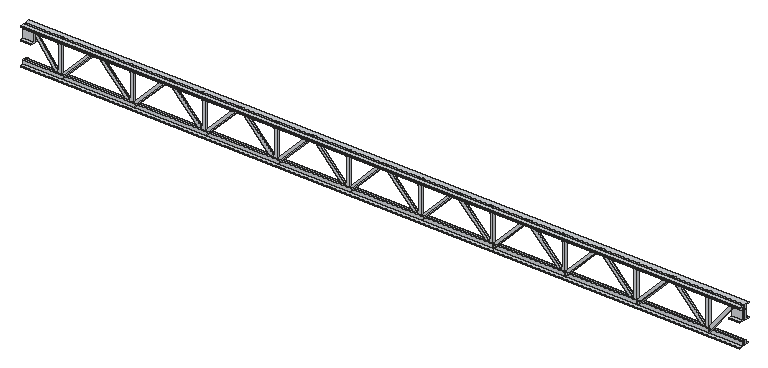
Revit family
Parameters (values of type "508BG")
  Web Thickness = 25 mm
  Vertical Member Visibility = yes
  Start Offset [instance] = 0 mm
  Top Chord Start Extension [instance] = 0 mm
  SpaceNum [instance] = 2 * HalfSpaceNum  # 20
  Seat Length = 150 mm
  Seat Depth [instance] = 190 mm
  Rendering Material = none
  PanelWidth [instance] = Length / SpaceNum  # 500 mm
  PanelArrayNum 2 [instance] = Half PanelArrayNum - 1  # 8
  PanelArrayNum 1 [instance] = Half PanelArrayNum  # 9
  PanelArrayNum [instance] = SpaceNum - 3  # 17
  Panel Point Load [instance] = 18.00 kN
  Offset Length 2 [instance] = End Panel - End Offset + Bottom Chord End Extension  # 500 mm
  Offset Length 1 [instance] = End Panel - Start Offset + Bottom Chord Start Extension  # 500 mm
  HalfSpaceNum [instance] = 10
  Girder Type = "BG"
  Depth = 508 mm
  Bottom Chord Start Extension [instance] = 0 mm
  Bottom Chord End Extension [instance] = 0 mm
  Half PanelArrayNum [instance] = PanelArrayNum / 2  # 9
  End Panel [instance] = PanelWidth  # 500 mm
  End Offset [instance] = 0 mm
  Top Chord End Extension [instance] = 0 mm
  Cord Leg = 63.5 mm
  Chord Thickness = 12.5 mm
  Assembly Code = "B1010350"
  Length [instance] = 10000 mm
Reference planes
  plane 1 "Center (Front/Back)": y = 0
  plane 2: z = 0
  plane 3 "Center (Left/Right)": x = 458.446
  plane 4 "Member Left": x = -3551.39
  plane 5 "Member Right": x = 3560.61
  plane 6: y = 76
  plane 7: y = -76
  plane 8: z = 254
  plane 9: z = -254
  plane 10 "Left": x = -4541.554
  plane 11 "Stick Symbol Left": x = -3500.59
  plane 12 "Stick Symbol Right": x = 3509.81
  plane 13 "Right": x = 5458.446
  plane 14: z = 64
  plane 15: x = -4391.554
  plane 16: x = -4041.554
  plane 17: x = 5308.446
  plane 18: x = 4958.446
  plane 19: y = 12.5
  plane 20: y = -12.5
  plane 21: z = 190.5
  plane 22: z = -190.5
  plane 23: z = -247.65
  plane 24: z = 247.65
  plane 25: x = -4541.554
  plane 26: x = 5458.446
  plane 27: x = -4541.554
  plane 28: x = 5458.446
  plane 29: x = 4458.446
  plane 30: x = 3958.446
  plane 31: x = -3541.554
  plane 32: x = -3041.554
  plane 33: x = -2541.554
  plane 34: x = -4541.554
  plane 35: x = 5458.446
Forms (mm)
  Extrusion 1, solid, material <- "Rendering Material", detail levels medium+fine
    sketch origin (458.446, 0, 0) x (0, 1, 0) y (0, 0, 1)
      loop
        line (76, 254) -> (12.5, 254) -> (12.5, 190.5) -> (25, 190.5) -> (25, 241.5) -> (76, 241.5) -> (76, 254)
      loop
        line (-76, 254) -> (-76, 241.5) -> (-25, 241.5) -> (-25, 190.5) -> (-12.5, 190.5) -> (-12.5, 254) -> (-76, 254)
    from -5000 to 5000
  Extrusion 2, solid, material <- "Rendering Material", detail levels medium+fine
    sketch origin (458.446, 0, 0) x (0, 1, 0) y (0, 0, 1)
      loop
        line (12.5, -190.5) -> (12.5, -254) -> (76, -254) -> (76, -241.5) -> (25, -241.5) -> (25, -190.5) -> (12.5, -190.5)
      loop
        line (-12.5, -190.5) -> (-25, -190.5) -> (-25, -241.5) -> (-76, -241.5) -> (-76, -254) -> (-12.5, -254) -> (-12.5, -190.5)
    from -5000 to 5000
  Extrusion 3, solid, material <- "Rendering Material", detail levels medium+fine
    sketch origin (458.446, 0, 0) x (0, 1, 0) y (0, 0, 1)
      loop
        line (76, 64) -> (76, 76.5) -> (25, 76.5) -> (25, 190.5) -> (12.5, 190.5) -> (12.5, 64) -> (76, 64)
      loop
        line (-76, 64) -> (-12.5, 64) -> (-12.5, 190.5) -> (-25, 190.5) -> (-25, 76.5) -> (-76, 76.5) -> (-76, 64)
    from 4850 to 5000
  Extrusion 4, solid, material <- "Rendering Material", detail levels medium+fine
    sketch origin (458.446, 0, 0) x (0, 1, 0) y (0, 0, 1)
      loop
        line (-76, 64) -> (-12.5, 64) -> (-12.5, 190.5) -> (-25, 190.5) -> (-25, 76.5) -> (-76, 76.5) -> (-76, 64)
      loop
        line (12.5, 64) -> (76, 64) -> (76, 76.5) -> (25, 76.5) -> (25, 190.5) -> (12.5, 190.5) -> (12.5, 64)
    from -5000 to -4850
  Sweep 5, solid, material <- "Rendering Material", detail levels fine
    path in 3D
      loop
        line (4958.446, 0, -247.65) -> (5308.446, 0, 190.5)
    profile "Web-Profile : Web-Profile" origin (5133.446, 0, -28.575) x (-0.781321, 0, 0.624129) y (0, -1, 0)
      loop
        line (-25.4, 18.85) -> (-25.4, 6.15) -> (25.4, 6.15) -> (25.4, 18.85) -> (-25.4, 18.85)
  Sweep 6, solid, material <- "Rendering Material", detail levels fine
    path in 3D
      loop
        line (-4391.554, 0, 190.5) -> (-4041.554, 0, -247.65)
    profile "Web-Profile : Web-Profile" origin (-4216.554, 0, -28.575) x (0.781321, 0, 0.624129) y (0, -1, 0)
      loop
        line (-25.4, 6.35) -> (-25.4, -6.35) -> (25.4, -6.35) -> (25.4, 6.35) -> (-25.4, 6.35)
Lines and regions (mm)
  symbolic lines, style "StructuralFraming", detail levels coarse
    curve 1: line (0, 76, 254) -> (0, 12.5, 254)
    curve 2: line (0, -76, -254) -> (0, -12.5, -254)
    curve 12: line (0, 12.5, -254) -> (0, 76, -254)
    curve 13: line (458.446, 12.5, -254) -> (458.446, 12.5, -190.5)
    curve 14: line (458.446, -12.5, -254) -> (458.446, -12.5, -190.5)
    curve 15: line (458.446, -12.5, 254) -> (458.446, -12.5, 190.5)
    curve 16: line (458.446, 12.5, 254) -> (458.446, 12.5, 190.5)
    curve 17: line (0, -12.5, 254) -> (0, -76, 254)
  symbolic lines, style "StructuralFraming", detail levels coarse+medium
    curve 3: line (0, 0, -254) -> (0, 0, 254)
  reference lines
    curve 4: line (-3350.59, 0, -377.508) -> (-3350.59, 0, 333.692)
    curve 5: line (-2850.59, 0, -383.858) -> (-2850.59, 0, 333.692)
    curve 6: line (3359.81, 0, -324.588) -> (3359.81, 0, 335.812)
    curve 7: line (2859.81, 0, -451.588) -> (2859.81, 0, 335.812)
  model lines, style "Joist Girder", detail levels coarse
    curve 8: line (2859.81, 0, -254) -> (-2850.59, 0, -254)
    curve 9: line (3509.81, 0, 254) -> (-3500.59, 0, 254)
  model lines, style "StructuralFraming", detail levels medium
    curve 10: line (-4391.554, 0, 190.5) -> (-4041.554, 0, -247.65)
    curve 11: line (4958.446, 0, -247.65) -> (5308.446, 0, 190.5)
  model lines, style "Web Joist", detail levels coarse
    curve 18: line (-2850.59, 0, -254) -> (-3350.59, 0, 254)
    curve 19: line (2859.81, 0, -254) -> (3359.81, 0, 254)
  sketch lines
    curve 20: line (4958.446, 0, -247.65) -> (5308.446, 0, 190.5)
    curve 21: line (-4391.554, 0, 190.5) -> (-4041.554, 0, -247.65)
  symbolic lines, detail levels fine
    curve 22: line (458.446, 12.5, 247.65) -> (458.446, -12.5, 247.65)
    curve 23: line (458.446, 12.5, -247.65) -> (458.446, -12.5, -247.65)
    curve 24: line (458.446, 12.5, -190.5) -> (458.446, 12.5, 190.5)
    curve 25: line (458.446, -12.5, -190.5) -> (458.446, -12.5, 190.5)
Dimensions and locks
  equal spacing: plane 9, plane 2, plane 8
  "Length": plane 10 "Left" to plane 13 "Right"
  equal spacing: plane 10 "Left", plane 3 "Center (Left/Right)", plane 13 "Right"
  "Seat Length": curve 4 to plane 11 "Stick Symbol Left"
  "End Panel": curve 5 to curve 4
  "Seat Length": curve 6 to plane 12 "Stick Symbol Right"
  "End Panel": curve 6 to curve 7
  "Depth": plane 9 to plane 8
  "Seat Depth": plane 8 to plane 14
  "End Panel": plane 10 "Left" to plane 16
  "End Panel": plane 13 "Right" to plane 18
  "Web Thickness": plane 19 to plane 20
  equal spacing: plane 19, plane 1 "Center (Front/Back)", plane 20
  "Cord Leg": plane 20 to plane 7
  "Cord Leg": plane 6 to plane 19
  "Cord Leg": plane 9 to plane 22
  "Cord Leg": plane 21 to plane 8
  "Chord Thickness": plane 8 to Extrusion 1 sketch curve
  "Chord Thickness": Extrusion 1 sketch curve to plane 8
  "Chord Thickness": plane 20 to Extrusion 1 sketch curve
  "Chord Thickness": Extrusion 1 sketch curve to plane 19
  "Chord Thickness": plane 9 to Extrusion 2 sketch curve  (x2)
  "Chord Thickness": Extrusion 2 sketch curve to plane 19
  "Chord Thickness": plane 20 to Extrusion 2 sketch curve
  "Chord Thickness": plane 14 to Extrusion 3 sketch curve  (x2)
  "Chord Thickness": plane 20 to Extrusion 3 sketch curve
  "Chord Thickness": Extrusion 3 sketch curve to plane 19
  "Chord Thickness": plane 14 to Extrusion 4 sketch curve  (x2)
  "Chord Thickness": Extrusion 4 sketch curve to plane 19
  "Chord Thickness": plane 20 to Extrusion 4 sketch curve
  locked: plane 23 to plane 9 at 6.35
  locked: plane 8 to plane 24 at 6.35
  "Start Offset": plane 10 "Left" to plane 27
  "Seat Length": plane 27 to plane 15
  "Top Chord Start Extension": plane 25 to plane 27
  "End Offset": plane 28 to plane 13 "Right"
  "Seat Length": plane 17 to plane 28
  "Top Chord End Extension": plane 28 to plane 26
  "PanelWidth": plane 18 to plane 29
  "PanelWidth": plane 29 to plane 30
  "PanelWidth": plane 16 to plane 31
  "PanelWidth": plane 32 to plane 31
  "PanelWidth": plane 33 to plane 32
  equal spacing: group 1, group 2, group 5, group 6, group 7, group 8, group 9, group 10, group 11  (x3)
  equal spacing: group 3, group 4, group 12, group 13, group 14, group 15, group 16, group 17  (x3)
  "Offset Length 1": plane 16 to plane 34
  "Offset Length 2": plane 35 to plane 18
  aligned and locked: curve 8 to plane 9
  aligned and locked: curve 9 to plane 8
  aligned and locked: plane 11 "Stick Symbol Left" to curve 9
  aligned and locked: curve 5 to curve 8
  aligned and locked: curve 7 to curve 8
  aligned and locked: plane 8 to Extrusion 1 sketch curve
  aligned and locked: Extrusion 1 sketch curve to plane 8
  aligned and locked: plane 6 to Extrusion 1 sketch curve
  aligned and locked: plane 7 to Extrusion 1 sketch curve
  aligned and locked: Extrusion 1 sketch curve to plane 21
  aligned and locked: plane 21 to Extrusion 1 sketch curve
  aligned and locked: plane 9 to Extrusion 2 sketch curve
  aligned and locked: Extrusion 2 sketch curve to plane 9
  aligned and locked: plane 6 to Extrusion 2 sketch curve
  aligned and locked: plane 7 to Extrusion 2 sketch curve
  aligned and locked: plane 19 to Extrusion 2 sketch curve
  aligned and locked: plane 20 to Extrusion 2 sketch curve
  aligned and locked: Extrusion 2 sketch curve to plane 22
  aligned and locked: plane 22 to Extrusion 2 sketch curve
  aligned and locked: Extrusion 3 sketch curve to plane 7
  aligned and locked: plane 14 to Extrusion 3 sketch curve
  aligned and locked: Extrusion 3 sketch curve to plane 14
  aligned and locked: Extrusion 3 sketch curve to plane 6
  aligned and locked: Extrusion 3 sketch curve to plane 20
  aligned and locked: Extrusion 3 sketch curve to plane 19
  aligned and locked: Extrusion 3 sketch curve to plane 21
  aligned and locked: plane 21 to Extrusion 3 sketch curve
  aligned and locked: Extrusion 3 to plane 17
  aligned and locked: plane 6 to Extrusion 4 sketch curve
  aligned and locked: Extrusion 4 sketch curve to plane 7
  aligned and locked: Extrusion 4 sketch curve to plane 19
  aligned and locked: plane 20 to Extrusion 4 sketch curve
  aligned and locked: plane 21 to Extrusion 4 sketch curve  (x2)
  aligned and locked: Extrusion 4 sketch curve to plane 14  (x2)
  aligned and locked: plane 15 to Extrusion 4
  aligned and locked: Extrusion 2 to curve 13
  aligned and locked: curve 13 to Extrusion 2
  aligned and locked: curve 2 to curve 14
  aligned and locked: curve 14 to Extrusion 2
  aligned and locked: Extrusion 1 to curve 15
  aligned and locked: curve 15 to Extrusion 1
  aligned and locked: curve 16 to Extrusion 1  (x2)
  aligned and locked: curve 1 to Extrusion 1
  aligned and locked: plane 12 "Stick Symbol Right" to curve 9
  aligned and locked: curve 11 to Extrusion 3
  aligned and locked: curve 4 to curve 18
  aligned and locked: curve 6 to curve 19
  aligned and locked: plane 25 to Extrusion 1
  aligned and locked: Extrusion 3 to plane 26
  aligned and locked: Extrusion 1 to plane 26
  aligned and locked: plane 25 to Extrusion 4
  aligned and locked: plane 15 to curve 10
  aligned and locked: Extrusion 1 to curve 10
  aligned and locked: plane 17 to curve 11
  aligned and locked: plane 16 to curve 10
  aligned and locked: plane 23 to curve 10
  aligned and locked: nested 1 to plane 16
  aligned and locked: plane 1 "Center (Front/Back)" to nested 1
  aligned and locked: nested 2 to plane 31
  aligned and locked: plane 9 to nested 2
  aligned and locked: nested 2 to plane 1 "Center (Front/Back)"
  aligned and locked: plane 18 to curve 11
  aligned and locked: plane 23 to curve 11
  aligned and locked: nested 1 to plane 8
  aligned and locked: nested 3 to plane 8
  aligned and locked: plane 32 to nested 3
  aligned and locked: nested 4 to plane 8
  aligned and locked: plane 33 to nested 4
  aligned and locked: Extrusion 2 to plane 34
  aligned and locked: plane 35 to Extrusion 2
  aligned and locked: nested 18 to plane 1 "Center (Front/Back)"
  aligned and locked: plane 29 to nested 18
  aligned and locked: nested 18 to plane 8
Automatic sketch dimensions
  Extrusion 1 sketch curve to plane 20 = 0 mm
  Extrusion 1 sketch curve to plane 19 = 0 mm
  curve 12 to plane 6 = 0 mm
  curve 1 to plane 6 = 0 mm
  curve 12 to plane 9 = 0 mm
  curve 12 to plane 19 = 0 mm
  curve 1 to plane 19 = 0 mm
  curve 17 to plane 8 = 0 mm
  curve 17 to plane 20 = 0 mm
  curve 17 to plane 7 = 0 mm
  plane 9 to curve 7 = 197.588 mm
  plane 9 to curve 5 = 129.858 mm
  plane 9 to curve 4 = 123.508 mm
  plane 9 to curve 6 = 70.588 mm
  curve 5 to plane 8 = 79.692 mm
  curve 4 to plane 8 = 79.692 mm
  curve 7 to plane 8 = 81.812 mm
  curve 6 to plane 8 = 81.812 mm
  curve 2 to plane 7 = 0 mm
  curve 2 to plane 9 = 0 mm
  curve 2 to plane 20 = 0 mm
  curve 3 to plane 1 "Center (Front/Back)" = 0 mm
  curve 3 to plane 9 = 0 mm
  curve 23 to plane 23 = 0 mm
  curve 25 to plane 22 = 0 mm
  curve 24 to plane 22 = 0 mm
  curve 16 to plane 21 = 0 mm
  curve 15 to plane 21 = 0 mm
  curve 22 to plane 24 = 0 mm
  curve 3 to plane 8 = 0 mm
Nested families
  nested 1: "BG Angled Web 1" at (-4041.554, 0, 0), type "BG Angled Web 1"
    with Web Thickness 12.5 mm, Thickness 25 mm, PanelHeight 508 mm, PanelWidth 500 mm
  nested 2: "BG Angled Web 2" at (-3041.554, 0, 0) x (-1, 0, 0) z (0, 0, 1), type "BG Angled Web 2"
    with Web Thickness 12.5 mm, Thickness 25 mm, PanelHeight 508 mm, PanelWidth 500 mm
  nested 3: "BG Angled Web 1" at (-3041.554, 0, 0), type "BG Angled Web 1"
    with Web Thickness 12.5 mm, Thickness 25 mm, PanelHeight 508 mm, PanelWidth 500 mm
  nested 4: "BG Angled Web 2" at (-2041.554, 0, 0) x (-1, 0, 0) z (0, 0, 1), type "BG Angled Web 2"
    with Web Thickness 12.5 mm, Thickness 25 mm, PanelHeight 508 mm, PanelWidth 500 mm
  nested 5: "BG Angled Web 1" at (-2041.554, 0, 0), type "BG Angled Web 1"
    with Web Thickness 12.5 mm, Thickness 25 mm, PanelHeight 508 mm, PanelWidth 500 mm
  nested 6: "BG Angled Web 1" at (-1041.554, 0, 0), type "BG Angled Web 1"
    with Web Thickness 12.5 mm, Thickness 25 mm, PanelHeight 508 mm, PanelWidth 500 mm
  nested 7: "BG Angled Web 1" at (-41.554, 0, 0), type "BG Angled Web 1"
    with Web Thickness 12.5 mm, Thickness 25 mm, PanelHeight 508 mm, PanelWidth 500 mm
  nested 8: "BG Angled Web 1" at (958.446, 0, 0), type "BG Angled Web 1"
    with Web Thickness 12.5 mm, Thickness 25 mm, PanelHeight 508 mm, PanelWidth 500 mm
  nested 9: "BG Angled Web 1" at (1958.446, 0, 0), type "BG Angled Web 1"
    with Web Thickness 12.5 mm, Thickness 25 mm, PanelHeight 508 mm, PanelWidth 500 mm
  nested 10: "BG Angled Web 1" at (2958.446, 0, 0), type "BG Angled Web 1"
    with Web Thickness 12.5 mm, Thickness 25 mm, PanelHeight 508 mm, PanelWidth 500 mm
  nested 11: "BG Angled Web 1" at (3958.446, 0, 0), type "BG Angled Web 1"
    with Web Thickness 12.5 mm, Thickness 25 mm, PanelHeight 508 mm, PanelWidth 500 mm
  nested 12: "BG Angled Web 2" at (-1041.554, 0, 0) x (-1, 0, 0) z (0, 0, 1), type "BG Angled Web 2"
    with Web Thickness 12.5 mm, Thickness 25 mm, PanelHeight 508 mm, PanelWidth 500 mm
  nested 13: "BG Angled Web 2" at (-41.554, 0, 0) x (-1, 0, 0) z (0, 0, 1), type "BG Angled Web 2"
    with Web Thickness 12.5 mm, Thickness 25 mm, PanelHeight 508 mm, PanelWidth 500 mm
  nested 14: "BG Angled Web 2" at (958.446, 0, 0) x (-1, 0, 0) z (0, 0, 1), type "BG Angled Web 2"
    with Web Thickness 12.5 mm, Thickness 25 mm, PanelHeight 508 mm, PanelWidth 500 mm
  nested 15: "BG Angled Web 2" at (1958.446, 0, 0) x (-1, 0, 0) z (0, 0, 1), type "BG Angled Web 2"
    with Web Thickness 12.5 mm, Thickness 25 mm, PanelHeight 508 mm, PanelWidth 500 mm
  nested 16: "BG Angled Web 2" at (2958.446, 0, 0) x (-1, 0, 0) z (0, 0, 1), type "BG Angled Web 2"
    with Web Thickness 12.5 mm, Thickness 25 mm, PanelHeight 508 mm, PanelWidth 500 mm
  nested 17: "BG Angled Web 2" at (3958.446, 0, 0) x (-1, 0, 0) z (0, 0, 1), type "BG Angled Web 2"
    with Web Thickness 12.5 mm, Thickness 25 mm, PanelHeight 508 mm, PanelWidth 500 mm
  nested 18: "BG Angled Web-Right" at (4958.446, 0, 0) x (-1, 0, 0) z (0, 0, 1), type "BG Angled Web-Right"
    with PanelWidth 500 mm
Definition of nested family "BG Angled Web 1"
  Parameters (values of type "BG Angled Web-Right")
    WebMaterial = none
    Web Thickness = Thickness / 2  # 12.7 mm
    Web Offset = Web Leg / 2  # 25.4 mm
    Web Leg = 50.8 mm
    Vertical Member Visibility = yes
    Thickness = 25.4 mm
    PanelHeight = 406.4 mm
    PanelWidth = 914.4 mm
    Assembly Code = ""
  Reference planes
    plane 1 "Center (Front/Back)": y = 0
    plane 2: z = 0
    plane 3 "Center (Left/Right)": x = 0
    plane 4: x = 914.4
    plane 5: z = -203.2
    plane 6: z = -177.8
    plane 7: z = 177.8
    plane 8: z = 203.2
    plane 9: y = -12.7
    plane 10: y = 12.7
    plane 11: z = 139.7
    plane 12: z = -139.7
  Forms (mm)
    Sweep 1, solid, material <- "WebMaterial", detail levels fine
      path in 3D
        loop
          line (0, 0, -177.8) -> (25.4, 0, -177.8) -> (889, 0, 177.8) -> (914.4, 0, 177.8)
      profile origin (12.7, 0, -177.8) x (0, 0, 1) y (0, -1, 0)
        loop
          line (25.4, 0) -> (25.4, 12.7) -> (-25.4, 12.7) -> (-25.4, 0) -> (25.4, 0)
    Sweep 2, solid, material <- "WebMaterial", detail levels fine
      path in 3D
        loop
          line (113.463, -12.7, -169.008) -> (877.417, -12.7, 145.562)
      profile origin (495.44, -12.7, -11.723) x (-0.38075, 0, 0.924678) y (0, -1, 0)
        loop
          line (0, 0) -> (12.7, 0) -> (12.7, 38.1) -> (0, 38.1) -> (0, 0)
    Sweep 3, solid, material <- "WebMaterial", visible <- "Vertical Member Visibility", detail levels fine
      path origin (0, 0, 0) x (1, 0, 0) y (0, 1, 0)
        loop
          line (0, 12.7) -> (0, -12.7)
      profile origin (0, 0, 0) x (1, 0, 0) y (0, 0, 1)
        loop
          line (-25.4, 203.2) -> (-25.4, 120.65) -> (-14.287, 109.538) -> (-14.288, -109.538) -> (-25.4, -120.65) -> (-25.4, -203.2) -> (25.4, -203.2) -> (25.4, 203.2) -> (-25.4, 203.2)
  Cuts and joins
    joined: Sweep 1, Sweep 2
  Lines and regions (mm)
    model lines, style "InvisibleLines"
      curve 1: line (0, 0, -203.2) -> (0, 0, 203.2)
      curve 2: line (0, 0, 203.2) -> (914.4, 0, 203.2)
      curve 3: line (914.4, 0, 203.2) -> (914.4, 0, -203.2)
      curve 4: line (914.4, 0, -203.2) -> (0, 0, -203.2)
    model lines, style "StructuralFraming", detail levels medium
      curve 5: line (889, 0, 177.8) -> (914.4, 0, 177.8)
      curve 6: line (0, 0, -177.8) -> (25.4, 0, -177.8)
      curve 7: line (25.4, 0, -177.8) -> (889, 0, 177.8)
    sketch lines
      curve 8: line (0, 0, -177.8) -> (25.4, 0, -177.8)
      curve 9: line (25.4, 0, -177.8) -> (889, 0, 177.8)
      curve 10: line (889, 0, 177.8) -> (914.4, 0, 177.8)
      curve 11: line (113.463, -12.7, -169.008) -> (877.417, -12.7, 145.562)
    model lines, visible <- "Vertical Member Visibility", detail levels medium
      curve 12: line (0, 0, 203.2) -> (0, 0, -203.2)
  Dimensions and locks
    plane 6 to plane 5 = 25.4 mm
    "Thickness": plane 8 to plane 7
    "PanelHeight": plane 8 to plane 5
    equal spacing: plane 8, plane 2, plane 5
    "Thickness": plane 10 to plane 9
    equal spacing: plane 10, plane 1 "Center (Front/Back)", plane 9
    locked: plane 8 to plane 11 at 63.5
    plane 12 to plane 5 = 63.5 mm
    "Web Offset": plane 6 to plane 5
    "Web Offset": curve 6 to plane 3 "Center (Left/Right)"
    "Web Offset": curve 5 to plane 4
    "Web Leg": Sweep 1 sketch curve to Sweep 1 sketch curve
    equal spacing: Sweep 1 sketch curve, plane 6, Sweep 1 sketch curve
    "Web Leg": plane 1 "Center (Front/Back)" to Sweep 2 sketch curve
    "Web Thickness": Sweep 2 sketch curve to Sweep 2 sketch curve
    "PanelWidth": plane 4 to plane 3 "Center (Left/Right)"
    equal spacing: Sweep 3 sketch curve, plane 3 "Center (Left/Right)", Sweep 3 sketch curve
    "Web Leg": Sweep 3 sketch curve to Sweep 3 sketch curve  (x2)
    locked: Sweep 3 sketch curve to Sweep 3 sketch curve at 82.55  (x2)
    locked: Sweep 3 sketch curve to Sweep 3 sketch curve at 11.112
    equal spacing: Sweep 3 sketch curve, plane 2, Sweep 3 sketch curve
    locked: Sweep 3 sketch curve to Sweep 3 sketch curve (angle 45.00°)  (x2)
    aligned and locked: plane 7 to curve 5
    aligned and locked: plane 6 to curve 6
    aligned and locked: Sweep 1 sketch curve to plane 9
    aligned and locked: Sweep 1 sketch curve to plane 1 "Center (Front/Back)"
    aligned and locked: Sweep 1 to curve 11
    aligned and locked: Sweep 2 sketch curve to profile plane
    aligned and locked: plane 9 to Sweep 2 sketch curve
    aligned and locked: plane 4 to curve 5
    aligned and locked: plane 4 to curve 3
    aligned and locked: plane 3 "Center (Left/Right)" to curve 1
    aligned and locked: curve 4 to plane 5
    aligned and locked: Sweep 3 sketch curve to plane 3 "Center (Left/Right)"
    aligned and locked: plane 10 to Sweep 3 sketch curve
    aligned and locked: plane 9 to Sweep 3 sketch curve
    aligned and locked: curve 12 to plane 3 "Center (Left/Right)"
    aligned and locked: plane 8 to curve 12
    aligned and locked: plane 5 to curve 12
    aligned and locked: Sweep 3 sketch curve to plane 8
    aligned and locked: Sweep 3 sketch curve to plane 5
Definition of nested family "BG Angled Web 2"
  Parameters (values of type "BG Angled Web")
    WebMaterial = none
    Web Thickness = Thickness / 2  # 12.7 mm
    Web Offset = Web Leg / 2  # 25.4 mm
    Web Leg = 50.8 mm
    Thickness = 25.4 mm
    PanelHeight = 406.4 mm
    PanelWidth = 914.4 mm
    Assembly Code = ""
  Reference planes
    plane 1 "Center (Front/Back)": y = 0
    plane 2: z = 0
    plane 3 "Center (Left/Right)": x = 0
    plane 4: x = 914.4
    plane 5: z = -203.2
    plane 6: z = -177.8
    plane 7: z = 177.8
    plane 8: z = 203.2
    plane 9: y = -12.7
    plane 10: y = 12.7
    plane 11: z = 139.7
    plane 12: z = -139.7
  Forms (mm)
    Sweep 1, solid, material <- "WebMaterial", detail levels fine
      path in 3D
        loop
          line (0, 0, -177.8) -> (25.4, 0, -177.8) -> (889, 0, 177.8) -> (914.4, 0, 177.8)
      profile origin (12.7, 0, -177.8) x (0, 0, 1) y (0, -1, 0)
        loop
          line (25.4, 0) -> (25.4, 12.7) -> (-25.4, 12.7) -> (-25.4, 0) -> (25.4, 0)
    Sweep 2, solid, material <- "WebMaterial", detail levels fine
      path in 3D
        loop
          line (113.463, -12.7, -169.008) -> (877.417, -12.7, 145.562)
      profile origin (495.44, -12.7, -11.723) x (-0.38075, 0, 0.924678) y (0, -1, 0)
        loop
          line (0, 0) -> (12.7, 0) -> (12.7, 38.1) -> (0, 38.1) -> (0, 0)
  Cuts and joins
    joined: Sweep 1, Sweep 2
  Lines and regions (mm)
    model lines, style "InvisibleLines"
      curve 1: line (0, 0, -203.2) -> (0, 0, 203.2)
      curve 2: line (0, 0, 203.2) -> (914.4, 0, 203.2)
      curve 3: line (914.4, 0, 203.2) -> (914.4, 0, -203.2)
      curve 4: line (914.4, 0, -203.2) -> (0, 0, -203.2)
    model lines, style "StructuralFraming", detail levels medium
      curve 5: line (889, 0, 177.8) -> (914.4, 0, 177.8)
      curve 6: line (0, 0, -177.8) -> (25.4, 0, -177.8)
      curve 7: line (25.4, 0, -177.8) -> (889, 0, 177.8)
    sketch lines
      curve 8: line (0, 0, -177.8) -> (25.4, 0, -177.8)
      curve 9: line (25.4, 0, -177.8) -> (889, 0, 177.8)
      curve 10: line (889, 0, 177.8) -> (914.4, 0, 177.8)
      curve 11: line (113.463, -12.7, -169.008) -> (877.417, -12.7, 145.562)
  Dimensions and locks
    plane 6 to plane 5 = 25.4 mm
    "Thickness": plane 8 to plane 7
    "PanelHeight": plane 8 to plane 5
    equal spacing: plane 8, plane 2, plane 5
    "Thickness": plane 10 to plane 9
    equal spacing: plane 10, plane 1 "Center (Front/Back)", plane 9
    locked: plane 8 to plane 11 at 63.5
    plane 12 to plane 5 = 63.5 mm
    "Web Offset": plane 6 to plane 5
    "Web Offset": curve 6 to plane 3 "Center (Left/Right)"
    "Web Offset": curve 5 to plane 4
    "Web Leg": Sweep 1 sketch curve to Sweep 1 sketch curve
    equal spacing: Sweep 1 sketch curve, plane 6, Sweep 1 sketch curve
    "Web Leg": plane 1 "Center (Front/Back)" to Sweep 2 sketch curve
    "Web Thickness": Sweep 2 sketch curve to Sweep 2 sketch curve
    "PanelWidth": plane 4 to plane 3 "Center (Left/Right)"
    aligned and locked: plane 7 to curve 5
    aligned and locked: plane 6 to curve 6
    aligned and locked: plane 8 to curve 2
    aligned and locked: Sweep 1 sketch curve to plane 9
    aligned and locked: Sweep 1 sketch curve to plane 1 "Center (Front/Back)"
    aligned and locked: Sweep 1 to curve 11
    aligned and locked: Sweep 2 sketch curve to profile plane
    aligned and locked: plane 9 to Sweep 2 sketch curve
    aligned and locked: plane 4 to curve 5
    aligned and locked: plane 4 to curve 3
    aligned and locked: plane 3 "Center (Left/Right)" to curve 1
    aligned and locked: curve 4 to plane 5
Definition of nested family "BG Angled Web-Right"
  Parameters (values of type "BG Angled Web-Right")
    WebMaterial = none
    Web Thickness = Thickness / 2  # 12.5 mm
    Web Offset = Web Leg / 2  # 25.4 mm
    Web Leg = 50.8 mm
    Vertical Member Visibility = yes
    Thickness = 25 mm
    PanelHeight = 508 mm
    PanelWidth = 750 mm
    Assembly Code = ""
  Reference planes
    plane 1 "Center (Front/Back)": y = 0
    plane 2: z = 0
    plane 3 "Center (Left/Right)": x = 0
    plane 4: x = 750
    plane 5: z = -254
    plane 6: z = -228.6
    plane 7: z = 229
    plane 8: z = 254
    plane 9: y = -12.5
    plane 10: y = 12.5
    plane 11: z = 190.5
    plane 12: z = -190.5
  Forms (mm)
    Sweep 1, solid, material <- "WebMaterial", detail levels fine
      path in 3D
        loop
          line (0, 0, -228.6) -> (25.4, 0, -228.6) -> (724.6, 0, 229) -> (750, 0, 229)
      profile origin (12.7, 0, -228.6) x (0, 0, 1) y (0, -1, 0)
        loop
          line (25.4, 0) -> (25.4, 12.5) -> (-25.4, 12.5) -> (-25.4, 0) -> (25.4, 0)
    Sweep 2, solid, material <- "WebMaterial", detail levels fine
      path in 3D
        loop
          line (108.114, -12.5, -204.823) -> (717.145, -12.5, 193.765)
      profile origin (412.629, -12.5, -5.529) x (-0.54761, 0, 0.836733) y (0, -1, 0)
        loop
          line (0, 0) -> (12.5, 0) -> (12.5, 38.3) -> (0, 38.3) -> (0, 0)
    Sweep 3, solid, material <- "WebMaterial", visible <- "Vertical Member Visibility", detail levels fine
      path origin (0, 0, 0) x (1, 0, 0) y (0, 1, 0)
        loop
          line (0, 12.5) -> (0, -12.5)
      profile origin (0, 0, 0) x (1, 0, 0) y (0, 0, 1)
        loop
          line (-25.4, 254) -> (-25.4, -254) -> (25.4, -254) -> (25.4, -171.45) -> (14.287, -160.337) -> (14.287, 160.338) -> (25.4, 171.45) -> (25.4, 254) -> (-25.4, 254)
  Cuts and joins
    joined: Sweep 1, Sweep 2
  Lines and regions (mm)
    model lines, style "InvisibleLines"
      curve 1: line (0, 0, -254) -> (0, 0, 254)
      curve 2: line (0, 0, 254) -> (750, 0, 254)
      curve 3: line (750, 0, 254) -> (750, 0, -254)
      curve 4: line (750, 0, -254) -> (0, 0, -254)
    model lines, style "StructuralFraming", detail levels medium
      curve 5: line (724.6, 0, 229) -> (750, 0, 229)
      curve 6: line (0, 0, -228.6) -> (25.4, 0, -228.6)
      curve 7: line (25.4, 0, -228.6) -> (724.6, 0, 229)
    sketch lines
      curve 8: line (0, 0, -228.6) -> (25.4, 0, -228.6)
      curve 9: line (25.4, 0, -228.6) -> (724.6, 0, 229)
      curve 10: line (724.6, 0, 229) -> (750, 0, 229)
      curve 11: line (108.114, -12.5, -204.823) -> (717.145, -12.5, 193.765)
    model lines, visible <- "Vertical Member Visibility", detail levels medium
      curve 12: line (0, 0, 254) -> (0, 0, -254)
  Dimensions and locks
    plane 6 to plane 5 = 25.4 mm
    "Thickness": plane 8 to plane 7
    "PanelHeight": plane 8 to plane 5
    equal spacing: plane 8, plane 2, plane 5
    "Thickness": plane 10 to plane 9
    equal spacing: plane 10, plane 1 "Center (Front/Back)", plane 9
    locked: plane 8 to plane 11 at 63.5
    plane 12 to plane 5 = 63.5 mm
    "Web Offset": plane 6 to plane 5
    "Web Offset": curve 6 to plane 3 "Center (Left/Right)"
    "Web Offset": curve 5 to plane 4
    "Web Leg": Sweep 1 sketch curve to Sweep 1 sketch curve
    equal spacing: Sweep 1 sketch curve, plane 6, Sweep 1 sketch curve
    "Web Leg": plane 1 "Center (Front/Back)" to Sweep 2 sketch curve
    "Web Thickness": Sweep 2 sketch curve to Sweep 2 sketch curve
    "PanelWidth": plane 4 to plane 3 "Center (Left/Right)"
    equal spacing: Sweep 3 sketch curve, plane 3 "Center (Left/Right)", Sweep 3 sketch curve  (x2)
    "Web Leg": Sweep 3 sketch curve to Sweep 3 sketch curve
    locked: Sweep 3 sketch curve to Sweep 3 sketch curve at 82.55  (x2)
    Sweep 3 sketch curve to Sweep 3 sketch curve = 11.112 mm
    equal spacing: Sweep 3 sketch curve, plane 2, Sweep 3 sketch curve
    locked: Sweep 3 sketch curve to Sweep 3 sketch curve (angle 45.00°)  (x2)
    aligned and locked: plane 7 to curve 5
    aligned and locked: plane 6 to curve 6
    aligned and locked: plane 9 to Sweep 1 sketch curve
    aligned and locked: Sweep 1 sketch curve to plane 1 "Center (Front/Back)"
    aligned and locked: Sweep 1 to curve 11
    aligned and locked: Sweep 2 sketch curve to profile plane
    aligned and locked: plane 9 to Sweep 2 sketch curve
    aligned and locked: plane 4 to curve 5
    aligned and locked: plane 4 to curve 3
    aligned and locked: plane 3 "Center (Left/Right)" to curve 1
    aligned and locked: curve 4 to plane 5
    aligned and locked: Sweep 3 sketch curve to plane 3 "Center (Left/Right)"
    aligned and locked: plane 10 to Sweep 3 sketch curve
    aligned and locked: plane 9 to Sweep 3 sketch curve
    aligned and locked: curve 12 to plane 3 "Center (Left/Right)"
    aligned and locked: plane 8 to curve 12
    aligned and locked: plane 5 to curve 12
    aligned and locked: Sweep 3 sketch curve to plane 8
    aligned and locked: Sweep 3 sketch curve to plane 5
